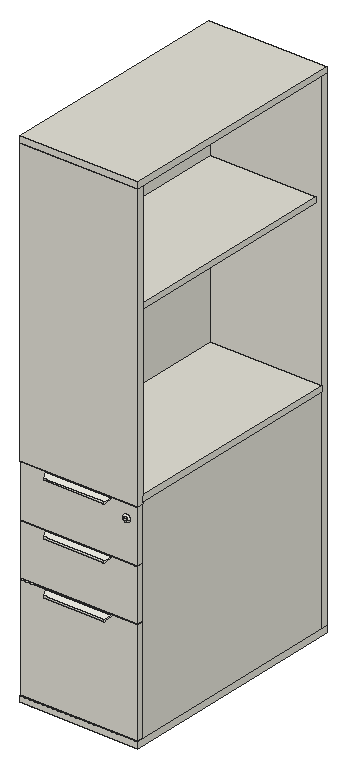
Revit family "Haworth_BeHold_PersonalStorageTower_SideBookcase_15Wide", category Furniture Systems, Revit 2018
Family settings
  Round Connector Dimension = Use Diameter
  Part Type = Normal
  OmniClass Number = 23.40.70.14.64.21
  OmniClass Title = Systems Furniture
  Work Plane-Based = No
  Always vertical = Yes
  Cut with Voids When Loaded = No
  Shared = No
  Room Calculation Point = No
Parameters (values of type "B/B/F - 30d 65h - Inset Back")
  With Lock = yes
  Wing Pull Length = 8 5/16"  # constant formula
  Wing Pull = yes
  Warranty = "http://www.haworth.com/resources/product-info/warranties"
  URL - Product = "https://www.haworth.com/na/en/products/active-storage/be-hold.html"
  URL = "www.haworth.com"
  Trim Finish [instance] = Haworth _ Paint _ Smooth Plaster
  Total Drawer Height = Storage Height - Bottom Case Offset - Case Thickness - 1/4"  # 26 1/2"
  Top Thickness = 3/4"  # constant formula
  Top Drawer Height = if(Box Box File, Middle Drawer Height, Bottom Drawer Height)  # 6 9/16"
  Top Case Back Control = if(Proud Style, 0", 0")  # 0"
  Sustainability Info = "https://www.haworth.com/company-info/sustainability"
  Storage Height = 28"  # constant formula
  Standard Heights = "41, 49, 57, 65 in."  # constant formula
  Size = "Verify Final Dim. w/ Haworth"  # constant formula
  Side Case Back Control = if(Proud Style, Case Thickness, 0")  # 0"
  Shelf 2 Offset = if(Actual Height = 65", 49", if(Actual Height = 57", 41", 32 5/16"))  # 49"
  Shelf 2 Control = Actual Height > 41"  # yes
  Shelf 1 Offset = 29" - Bottom Case Offset - Case Thickness  # 27 3/4"
  Revision Number = "1"  # constant formula
  Pull Finish [instance] = Haworth _ Paint _ Smooth Plaster
  Proud Style = not(Inset Style)  # no
  Model = "Haworth Be_Hold"  # constant formula
  Min. Width = 15"  # constant formula
  Min. Height = 41"  # constant formula
  Min. Depth = 18"  # constant formula
  Middle Drawer Height = (Total Drawer Height - Distance Between Drawer) / 4  # 6 9/16"
  Left Panel Finish [instance] = Haworth _ Laminate _ Beige H-34
  Left Panel Edge Finish [instance] = Haworth _ Laminate _ Beige H-34
  Height = 65"
  File File = no
  Bottom Drawer Offset = Bottom Case Offset + Case Thickness + 1/8"  # 1 3/8"
  Bottom Drawer Height = (Total Drawer Height - Distance Between Drawer) / 2  # 13 1/8"
  Back Case Back Control = if(Proud Style, 0", 0")  # 0"
  Actual Height = if(Height > Max. Height, Max. Height, if(Height < Min. Height, Min. Height, Height))  # 65"
  3 Drawer Control = Box Box File  # yes
  Max. Width = 15"  # constant formula
  Max. Depth = 30"  # constant formula
  Max. Height = 65"  # constant formula
  Manufacturer = "Haworth"  # constant formula
  Linear Pull Length = 7 1/2"  # constant formula
  Linear Pull = no
  Inset Style = yes
  Glide Finish = Haworth _ Polymer _ Slate
  Front Finish [instance] = Haworth _ Laminate _ Beige H-34
  Front Edge Finish [instance] = Haworth _ Laminate _ Beige H-34
  Drawer Width = Actual Width - 1/8"  # 14 7/8"
  Distance Between Drawer = if(Box Box File, 1/4", 1/8")  # 1/4"
  Description = "Haworth - Be_Hold - Personal Storage Tower - Side Bookcase"  # constant formula
  Depth = 30"
  Custom Size = not(and(or(Depth = 18", Depth = 24", Depth = 30"), or(Height = 41", Height = 49", Height = 57", Height = 65")))  # no
  Cresent Pull = no
  Classic Pull Length = 7 1/2"  # constant formula
  Classic Pull = no
  Case Thickness = 3/4"  # constant formula
  Case Finish [instance] = Haworth _ Laminate _ Beige H-34
  Case Edge Finish [instance] = Haworth _ Laminate _ Beige H-34
  Box Box File = not(File File)  # yes
  Bottom Case Offset = 1/2"  # constant formula
  Blade Pull Length = Drawer Width - 1/16"  # 14 13/16"
  Blade Pull = not(or(Cresent Pull, Linear Pull, Classic Pull, Wing Pull))  # no
  Back Case Side Control = if(Proud Style, 0", Case Thickness)  # 3/4"
  Author = "Haworth (Alias)"  # constant formula
  Assembly Code = "E2020200"
  Actual Width = 15"  # constant formula
  Actual Depth = if(Depth > Max. Depth, Max. Depth, if(Depth < Min. Depth, Min. Depth, Depth))  # 30"
  Standard Depths = "18, 24, 30 in."  # constant formula
Types (8): name | Top Drawer Height | Side Case Back Control | Shelf 2 Offset | Shelf 2 Control | Proud Style | Middle Drawer Height | Height | File File | Bottom Drawer Height | Actual Height | 3 Drawer Control | Inset Style | Distance Between Drawer | Depth | Box Box File | Back Case Side Control | Actual Depth
  B/B/F - 30d 65h - Inset Back | 6 9/16" | 0" | 49" | yes | no | 6 9/16" | 65" | no | 13 1/8" | 65" | yes | yes | 1/4" | 30" | yes | 3/4" | 30"
  B/B/F - 24d 57h - Inset Back | 6 9/16" | 0" | 41" | yes | no | 6 9/16" | 57" | no | 13 1/8" | 57" | yes | yes | 1/4" | 24" | yes | 3/4" | 24"
  B/B/F - 24d 49h - Inset Back | 6 9/16" | 0" | 32 5/16" | yes | no | 6 9/16" | 49" | no | 13 1/8" | 49" | yes | yes | 1/4" | 24" | yes | 3/4" | 24"
  B/B/F - 18d 41h - Inset Back | 6 9/16" | 0" | 32 5/16" | no | no | 6 9/16" | 41" | no | 13 1/8" | 41" | yes | yes | 1/4" | 18" | yes | 3/4" | 18"
  F/F - 30d 65h - Proud Back | 13 3/16" | 3/4" | 49" | yes | yes | 6 19/32" | 65" | yes | 13 3/16" | 65" | no | no | 1/8" | 30" | no | 0" | 30"
  F/F - 24d 57h - Proud Back | 13 3/16" | 3/4" | 41" | yes | yes | 6 19/32" | 57" | yes | 13 3/16" | 57" | no | no | 1/8" | 24" | no | 0" | 24"
  F/F - 24d 49h - Proud Back | 13 3/16" | 3/4" | 32 5/16" | yes | yes | 6 19/32" | 49" | yes | 13 3/16" | 49" | no | no | 1/8" | 24" | no | 0" | 24"
  F/F - 18d 41h - Proud Back | 13 3/16" | 3/4" | 32 5/16" | no | yes | 6 19/32" | 41" | yes | 13 3/16" | 41" | no | no | 1/8" | 18" | no | 0" | 18"
Reference planes (in)
  plane 1: z = 0
  plane 2 "Center L/R": x = -6.17556
  plane 3 "Center F/B": y = -14.5
  plane 4 "Top": z = 65
  plane 5 "Back": y = 0.5
  plane 6 "Front": y = -29.5
  plane 7 "Left": x = -13.67556
  plane 8 "Case Inside Left": x = -12.92556
  plane 9 "Case Inside Right": x = 0.57444
  plane 10 "Case Inside Back": y = -0.25
  plane 11 "Case Bottom": z = 0.5
  plane 12 "Case Inside Front": y = -28.75
  plane 13 "Inside Case Bottom": z = 1.25
  plane 14 "Inside Case Top": z = 64.25
  plane 15 "Top of Top Drawer": z = 27.875
  plane 16 "Bottom of Bottom Drawer": z = 1.375
  plane 17 "Right": x = 1.32444
  plane 18 "Top of Storage": z = 28
  plane 19 "Shelf 1 Top": z = 29
  plane 20 "Shelf 1 Bottom": z = 28.25
  plane 21 "Shelf 2 Top": z = 50.25
  plane 22 "Shelf 2 Bottom": z = 49.5
Forms (in)
  Sweep 1, solid, material "Haworth _ Polymer _ Slate" <- "Glide Finish"
    path origin (-12.92556, 0, 0) x (0, 1, 0) y (0, 0, 1)
      loop
        line (-28.75, 0.5) -> (-28.75, 0)
    profile origin (-12.92556, -28.75, 0.25) x (1, 0, 0) y (0, 1, 0)
      loop
        line (0, 2.00197) -> (0, 0.25)
        arc (0, 0.25) -> (0.07322, 0.07322) -> (0.25, 0) r 0.25
        line (0.25, 0) -> (2.00197, 0)
        arc (2.00197, 0) -> (2.17875, 0.07322) -> (2.25197, 0.25) r 0.25
        line (2.25197, 0.25) -> (2.25197, 0.70079) -> (0.70079, 2.25197) -> (0.25, 2.25197)
        arc (0.25, 2.25197) -> (0.07322, 2.17875) -> (0, 2.00197) r 0.25
  Sweep 2, solid, material "Haworth _ Polymer _ Slate" <- "Glide Finish"
    path origin (-12.92556, -23, 0) x (0, -1, 0) y (0, 0, 1)
      loop
        line (-22.75, 0.5) -> (-22.75, 0)
    profile origin (-12.92556, -0.25, 0.25) x (1, 0, 0) y (0, 1, 0)
      loop
        arc (0, -2.00197) -> (0.07322, -2.17875) -> (0.25, -2.25197) r 0.25
        line (0.25, -2.25197) -> (0.70079, -2.25197) -> (2.25197, -0.70079) -> (2.25197, -0.25)
        arc (2.25197, -0.25) -> (2.17875, -0.07322) -> (2.00197, 0) r 0.25
        line (2.00197, 0) -> (0.25, 0)
        arc (0.25, 0) -> (0.07322, -0.07322) -> (0, -0.25) r 0.25
        line (0, -0.25) -> (0, -2.00197)
  Sweep 3, solid, material "Haworth _ Polymer _ Slate" <- "Glide Finish"
    path origin (0.57444, 0, 0) x (0, -1, 0) y (0, 0, 1)
      loop
        line (28.75, 0.5) -> (28.75, 0)
    profile origin (0.57444, -28.75, 0.25) x (-1, 0, 0) y (0, -1, 0)
      loop
        arc (0, -2.00197) -> (0.07322, -2.17875) -> (0.25, -2.25197) r 0.25
        line (0.25, -2.25197) -> (0.70079, -2.25197) -> (2.25197, -0.70079) -> (2.25197, -0.25)
        arc (2.25197, -0.25) -> (2.17875, -0.07322) -> (2.00197, 0) r 0.25
        line (2.00197, 0) -> (0.25, 0)
        arc (0.25, 0) -> (0.07322, -0.07322) -> (0, -0.25) r 0.25
        line (0, -0.25) -> (0, -2.00197)
  Sweep 4, solid, material "Haworth _ Polymer _ Slate" <- "Glide Finish"
    path origin (0.57444, 0, 0) x (0, -1, 0) y (0, 0, 1)
      loop
        line (0.25, 0.5) -> (0.25, 0)
    profile origin (0.57444, -0.25, 0.25) x (-1, 0, 0) y (0, -1, 0)
      loop
        line (0, 2.00197) -> (0, 0.25)
        arc (0, 0.25) -> (0.07322, 0.07322) -> (0.25, 0) r 0.25
        line (0.25, 0) -> (2.00197, 0)
        arc (2.00197, 0) -> (2.17875, 0.07322) -> (2.25197, 0.25) r 0.25
        line (2.25197, 0.25) -> (2.25197, 0.70079) -> (0.70079, 2.25197) -> (0.25, 2.25197)
        arc (0.25, 2.25197) -> (0.07322, 2.17875) -> (0, 2.00197) r 0.25
  Extrusion 5, solid, material "Haworth _ Laminate _ Beige H-34" <- "Case Finish"
    sketch origin (0, 0, 0) x (1, 0, 0) y (0, 1, 0)
      loop
        line (-13.67556, 0.5) -> (-13.67556, -29.5) -> (1.32444, -29.5) -> (1.32444, 0.5) -> (-13.67556, 0.5)
    from 0.5 to 1.25
  Sweep 6, solid, material "Haworth _ Laminate _ Beige H-34" <- "Left Panel Finish"
    path origin (0, 0, 0.5) x (0, -1, 0) y (1, 0, 0)
      loop
        line (29.5, -13.67556) -> (29.5, -12.92556)
    profile origin (-13.30056, -29.5, 0.5) x (0, 1, 0) y (0, 0, 1)
      loop
        line (0.75, 63.75) -> (0.75, 0.75) -> (30, 0.75) -> (30, 63.75) -> (0.75, 63.75)
  Sweep 7, solid, material "Haworth _ Laminate _ Beige H-34" <- "Case Finish"
    path origin (-12.35111, 0, 0.5) x (0, -1, 0) y (-1, 0, 0)
      loop
        line (29.5, -13.67556) -> (29.5, -12.92556)
    profile origin (0.94944, -29.5, 0.5) x (0, -1, 0) y (0, 0, 1)
      loop
        line (-0.75, 27.75) -> (-29.25, 27.75) -> (-29.25, 0.75) -> (-0.75, 0.75) -> (-0.75, 27.75)
  Sweep 8, solid, material "Haworth _ Laminate _ Beige H-34" <- "Case Finish"
    path origin (0, 0, 0.5) x (0, -1, 0) y (1, 0, 0)
      loop
        line (0.25, -6.17556) -> (-0.5, -6.17556)
    profile origin (-6.17556, 0.125, 0.5) x (-1, 0, 0) y (0, 0, 1)
      loop
        line (-7.5, 0.75) -> (6.75, 0.75) -> (6.75, 63.75) -> (-7.5, 63.75) -> (-7.5, 0.75)
  Extrusion 9, solid, material "Haworth _ Laminate _ Beige H-34" <- "Case Finish"
    sketch origin (0, 0, 0.5) x (0, -1, 0) y (1, 0, 0)
      loop
        line (-0.5, -13.67556) -> (29.5, -13.67556) -> (29.5, 1.32444) -> (-0.5, 1.32444) -> (-0.5, -13.67556)
    from 63.75 to 64.5
  Extrusion 10, solid, material "Haworth _ Laminate _ Beige H-34" <- "Case Finish"
    sketch origin (0, 0, 0) x (1, 0, 0) y (0, 1, 0)
      loop
        line (-12.92556, -0.25) -> (-12.92556, -28.75) -> (1.32444, -28.75) -> (1.32444, -0.25) -> (-12.92556, -0.25)
    from 28.25 to 29
  Extrusion 11, solid, material "Haworth _ Laminate _ Beige H-34" <- "Case Finish", visible <- "Shelf 2 Control"
    sketch origin (0, 0, 0) x (1, 0, 0) y (0, 1, 0)
      loop
        line (-12.92556, -0.25) -> (-12.92556, -28.75) -> (0.57444, -28.75) -> (0.57444, -0.25) -> (-12.92556, -0.25)
    from 49.5 to 50.25
  Extrusion 12, solid, material "Haworth _ Laminate _ Beige H-34" <- "Front Finish"
    sketch origin (0, 0, 0) x (1, 0, 0) y (0, 1, 0)
      loop
        line (-13.67556, -28.75) -> (-13.67556, -29.5) -> (1.32444, -29.5) -> (1.32444, -28.75) -> (-13.67556, -28.75)
    from 28 to 64.25
Lines and regions (in)
  Masking region 1
    outline origin (0, 0, 64.25) x (0, -1, 0) y (1, 0, 0)
      loop
        line (-0.5, -13.67556) -> (29.5, -13.67556) -> (29.5, 1.32444) -> (-0.5, 1.32444) -> (-0.5, -13.67556)
  symbolic lines, style "FurnitureSystemsHiddenLines", detail levels medium+fine
    curve 1: line (-13.67556, -28.75, 64.25) -> (1.32444, -28.75, 64.25)
  symbolic lines, detail levels medium+fine
    curve 2: line (2.32444, -14.5, 0) -> (9.82444, -14.5, 0)
    curve 3: line (9.82444, -14.5, 0) -> (8.41023, -13.08579, 0)
    curve 4: line (9.82444, -14.5, 0) -> (8.41023, -15.91421, 0)
Dimensions and locks (in)
  equal spacing: plane 5 "Back", plane 3 "Center F/B", plane 6 "Front"
  "Actual Depth": plane 5 "Back" to plane 6 "Front"
  "Case Thickness": plane 8 "Case Inside Left" to plane 7 "Left"
  "Bottom Case Offset": plane 11 "Case Bottom" to plane 1
  "Case Thickness": plane 10 "Case Inside Back" to plane 5 "Back"
  "Case Thickness": plane 6 "Front" to plane 12 "Case Inside Front"
  locked: Sweep 1 sketch curve to plane 11 "Case Bottom" at 0.5
  locked: Sweep 2 sketch curve to plane 11 "Case Bottom" at 0.5
  locked: Sweep 4 sketch curve to plane 11 "Case Bottom" at 0.5
  locked: Sweep 3 sketch curve to plane 11 "Case Bottom" at 0.5
  "Case Thickness": plane 13 "Inside Case Bottom" to plane 11 "Case Bottom"
  "Top Thickness": plane 4 "Top" to plane 14 "Inside Case Top"
  "Side Case Back Control": Sweep 6 sketch curve to plane 5 "Back"
  "Back Case Side Control": Sweep 8 sketch curve to plane 7 "Left"
  locked: plane 16 "Bottom of Bottom Drawer" to plane 13 "Inside Case Bottom" at 0.125
  locked: nested 2 to nested 1 at 0.125
  "Case Thickness": Sweep 8 sketch curve to Sweep 8 sketch curve
  "Back Case Back Control": plane 5 "Back" to Sweep 8 sketch curve
  equal spacing: plane 7 "Left", plane 2 "Center L/R", plane 17 "Right"
  "Actual Width": plane 7 "Left" to plane 17 "Right"
  "Case Thickness": plane 9 "Case Inside Right" to plane 17 "Right"
  locked: plane 18 "Top of Storage" to plane 15 "Top of Top Drawer" at 0.125
  "Storage Height": plane 18 "Top of Storage" to plane 1
  "Actual Height": plane 4 "Top" to plane 1
  "Case Thickness": plane 22 "Shelf 2 Bottom" to plane 21 "Shelf 2 Top"
  "Case Thickness": plane 20 "Shelf 1 Bottom" to plane 19 "Shelf 1 Top"
  "Shelf 2 Offset": plane 21 "Shelf 2 Top" to plane 13 "Inside Case Bottom"
  "Shelf 1 Offset": plane 19 "Shelf 1 Top" to plane 13 "Inside Case Bottom"
  "Top Case Back Control": Extrusion 10 sketch curve to plane 10 "Case Inside Back"
  "Top Case Back Control": Extrusion 11 sketch curve to plane 10 "Case Inside Back"
  "Back Case Back Control": Sweep 7 sketch curve to plane 10 "Case Inside Back"
  aligned and locked: Sweep 1 sketch curve to plane 12 "Case Inside Front"
  aligned and locked: plane 11 "Case Bottom" to Sweep 1 sketch curve
  aligned and locked: plane 10 "Case Inside Back" to Sweep 2 sketch curve
  aligned and locked: plane 11 "Case Bottom" to Sweep 2 sketch curve
  aligned and locked: plane 10 "Case Inside Back" to Sweep 4 sketch curve
  aligned and locked: plane 11 "Case Bottom" to Sweep 4 sketch curve
  aligned and locked: Sweep 3 sketch curve to plane 12 "Case Inside Front"
  aligned and locked: plane 11 "Case Bottom" to Sweep 3 sketch curve
  aligned and locked: Extrusion 5 sketch curve to plane 5 "Back"
  aligned and locked: plane 7 "Left" to Extrusion 5 sketch curve
  aligned and locked: plane 6 "Front" to Extrusion 5 sketch curve
  aligned and locked: plane 11 "Case Bottom" to Extrusion 5
  aligned and locked: plane 13 "Inside Case Bottom" to Extrusion 5
  aligned and locked: plane 7 "Left" to Sweep 6 sketch curve
  aligned and locked: plane 8 "Case Inside Left" to Sweep 6 sketch curve
  aligned and locked: Sweep 6 sketch curve to plane 6 "Front"
  aligned and locked: plane 13 "Inside Case Bottom" to Sweep 6 sketch curve
  aligned and locked: plane 6 "Front" to Sweep 7 sketch curve
  aligned and locked: plane 9 "Case Inside Right" to Sweep 7 sketch curve
  aligned and locked: plane 13 "Inside Case Bottom" to Sweep 7 sketch curve
  aligned and locked: plane 2 "Center L/R" to Sweep 8 sketch curve
  aligned and locked: Sweep 8 sketch curve to plane 13 "Inside Case Bottom"
  aligned and locked: plane 4 "Top" to Extrusion 9
  aligned and locked: plane 14 "Inside Case Top" to Extrusion 9
  aligned and locked: Masking region 1 sketch curve to plane 5 "Back"
  aligned and locked: plane 7 "Left" to Masking region 1 sketch curve
  aligned and locked: plane 6 "Front" to Masking region 1 sketch curve
  aligned and locked: curve 1 to plane 12 "Case Inside Front"
  aligned and locked: plane 12 "Case Inside Front" to Sweep 7 sketch curve
  aligned and locked: plane 12 "Case Inside Front" to Sweep 6 sketch curve
  aligned and locked: nested 3 to plane 15 "Top of Top Drawer"
  aligned and locked: plane 6 "Front" to nested 1
  aligned and locked: plane 6 "Front" to nested 2
  aligned and locked: plane 6 "Front" to nested 3
  aligned and locked: plane 2 "Center L/R" to nested 3
  aligned and locked: plane 2 "Center L/R" to nested 2
  aligned and locked: plane 2 "Center L/R" to nested 1
  aligned and locked: plane 17 "Right" to Sweep 7 sketch curve
  aligned and locked: plane 6 "Front" to Extrusion 9 sketch curve
  aligned and locked: plane 17 "Right" to Extrusion 9 sketch curve
  aligned and locked: plane 7 "Left" to Extrusion 9 sketch curve
  aligned and locked: Extrusion 9 sketch curve to plane 5 "Back"
  aligned and locked: plane 14 "Inside Case Top" to Sweep 8 sketch curve
  aligned and locked: plane 12 "Case Inside Front" to Extrusion 10 sketch curve
  aligned and locked: plane 20 "Shelf 1 Bottom" to Extrusion 10
  aligned and locked: plane 19 "Shelf 1 Top" to Extrusion 10
  aligned and locked: plane 9 "Case Inside Right" to Extrusion 11 sketch curve
  aligned and locked: plane 8 "Case Inside Left" to Extrusion 11 sketch curve
  aligned and locked: plane 12 "Case Inside Front" to Extrusion 11 sketch curve
  aligned and locked: plane 21 "Shelf 2 Top" to Extrusion 11
  aligned and locked: plane 22 "Shelf 2 Bottom" to Extrusion 11
  aligned and locked: plane 6 "Front" to Extrusion 12 sketch curve
  aligned and locked: Extrusion 12 sketch curve to plane 12 "Case Inside Front"
  aligned and locked: plane 17 "Right" to Extrusion 12 sketch curve
  aligned and locked: plane 7 "Left" to Extrusion 12 sketch curve
  aligned and locked: Extrusion 12 to plane 18 "Top of Storage"
  aligned and locked: Extrusion 12 to plane 14 "Inside Case Top"
  aligned and locked: plane 17 "Right" to Extrusion 5 sketch curve
  aligned and locked: plane 17 "Right" to Masking region 1 sketch curve
  aligned and locked: plane 17 "Right" to Extrusion 10 sketch curve
  aligned and locked: plane 8 "Case Inside Left" to Extrusion 10 sketch curve
  aligned and locked: plane 20 "Shelf 1 Bottom" to Sweep 7 sketch curve
  aligned and locked: plane 14 "Inside Case Top" to Sweep 6 sketch curve
  aligned and locked: plane 17 "Right" to Sweep 8 sketch curve
Automatic sketch dimensions
  Sweep 1 sketch curve to plane 8 "Case Inside Left" = 0"
  profile plane to Sweep 1 sketch curve = 0"
  Sweep 1 sketch curve to Sweep 1 sketch curve = 1/4"  (x2)
  Sweep 1 sketch curve to Sweep 1 sketch curve = 0.45079"  (x2)
  Sweep 1 sketch curve to profile plane = 1/4"
  Sweep 1 sketch curve to Sweep 1 sketch curve = 1.75197"  (x2)
  Sweep 2 sketch curve to plane 8 "Case Inside Left" = 0"
  profile plane to Sweep 2 sketch curve = 0"
  Sweep 2 sketch curve to Sweep 2 sketch curve = 1/4"  (x2)
  Sweep 2 sketch curve to Sweep 2 sketch curve = 0.45079"  (x2)
  profile plane to Sweep 2 sketch curve = 1/4"
  Sweep 2 sketch curve to Sweep 2 sketch curve = 1.75197"  (x2)
  Sweep 3 sketch curve to plane 9 "Case Inside Right" = 0"
  Sweep 3 sketch curve to profile plane = 0"
  Sweep 3 sketch curve to Sweep 3 sketch curve = 1/4"  (x2)
  Sweep 3 sketch curve to Sweep 3 sketch curve = 0.45079"  (x2)
  profile plane to Sweep 3 sketch curve = 1/4"
  Sweep 3 sketch curve to Sweep 3 sketch curve = 1.75197"  (x2)
  Sweep 4 sketch curve to plane 9 "Case Inside Right" = 0"
  Sweep 4 sketch curve to profile plane = 0"
  plane 9 "Case Inside Right" to Sweep 4 sketch curve = 1/4"  (x2)
  Sweep 4 sketch curve to Sweep 4 sketch curve = 0.45079"  (x2)
  Sweep 4 sketch curve to profile plane = 1/4"
  Sweep 4 sketch curve to Sweep 4 sketch curve = 1.75197"  (x2)
  curve 1 to plane 7 "Left" = 0"
  curve 1 to plane 17 "Right" = 0"
  plane 3 "Center F/B" to curve 2 = 0"
  curve 3 to plane 17 "Right" = 8 1/2"
  curve 4 to curve 2 = 1.41421"
  curve 3 to plane 3 "Center F/B" = 1.41421"
  curve 3 to curve 2 = 1.41421"
  curve 2 to plane 17 "Right" = 1"
Nested families (in)
  nested 1: "Haworth_BeHold_Drawer_PART" at (-6.17556, -28.36287, 1.375), Drawer Height <- "Bottom Drawer Height", built-in parameter 1001364 <- "Bottom Drawer Offset", type "Haworth_Drawer - Without Lock"
    with Pull Height 13 1/8", Drawer Height 13 1/8", With Lock no, Wing Pull Length 8 5/16", Drawer Width 14 7/8", Classic Pull Length 7 1/2", Blade Pull Length 14 13/16", Linear Pull Length 7 1/2"
  nested 2: "Haworth_BeHold_Drawer_PART" at (-6.17556, -28.36287, 14.625), Drawer Height <- "Middle Drawer Height", visible <- "3 Drawer Control", type "Haworth_Drawer - Without Lock"
    with Pull Height 6 9/16", Drawer Height 6 9/16", With Lock no, Wing Pull Length 8 5/16", Drawer Width 14 7/8", Classic Pull Length 7 1/2", Blade Pull Length 14 13/16", Linear Pull Length 7 1/2"
  nested 3: "Haworth_BeHold_Drawer_PART" at (-6.17556, -28.36287, 21.3125), Drawer Height <- "Top Drawer Height", type "Haworth_Drawer"
    with Pull Height 6 9/16", Drawer Height 6 9/16", Wing Pull Length 8 5/16", Drawer Width 14 7/8", Classic Pull Length 7 1/2", Blade Pull Length 14 13/16", Linear Pull Length 7 1/2"
Definition of nested family "Haworth_BeHold_Drawer_PART"
  Parameters (values of type "Haworth_Drawer")
    With Lock = yes
    Wing Pull Length = 6 1/2"
    Wing Pull = yes
    Warranty = "http://www.haworth.com/resources/product-info/warranties"
    URL - Product = ""
    URL = "www.haworth.com"
    Trim Finish = none
    Revision Number = "1"  # constant formula
    Pull Height [instance] = if(or(Wing Pull, Blade Pull), Drawer Height, Drawer Height - 1 21/32")  # 12"
    Pull Finish = none
    Note = "Verify Final Dim. w/ Haworth"  # constant formula
    Model = "Haworth Be_Hold"  # constant formula
    Manufacturer = "Haworth"  # constant formula
    Lock Offset Top = 1 21/32"  # constant formula
    Lock Offset Side = 1 3/8"  # constant formula
    Linear Pull = no
    Front Finish = none
    Front Edge Finish = none
    Drawer Width = 15 1/2"
    Drawer Height [instance] = 12"
    Description = "Haworth - Be_Hold - Drawer"
    Cresent Pull = no
    Classic Pull Length = 6 3/4"
    Classic Pull = no
    Blade Pull Length = 15 7/16"
    Blade Pull = no
    Linear Pull Length = 8"
    Author = "Haworth (Alias)"  # constant formula
    Assembly Code = ""
  Reference planes (in)
    plane 1 "Drawer Back": y = -0.26213
    plane 2: z = 0
    plane 3 "Center L/R": x = 0
    plane 4 "Drawer Front": y = -1.13713
    plane 5 "Left": x = -7.75
    plane 6 "Right": x = 7.75
    plane 7 "Top": z = 12
    plane 8 "Hardware Start": y = -0.38713
    plane 9 "Lock Side": x = 6.375
    plane 10 "Lock Horizontal": z = 10.34375
  Forms (in)
    Extrusion 1, solid, material <- "Front Finish"
      sketch origin (0, -1.13713, 0) x (-1, 0, 0) y (0, 0, 1)
        loop
          line (-7.75, 12) -> (-7.75, 0) -> (7.75, 0) -> (7.75, 12) -> (-7.75, 12)
      from 0 to 0.75
    Revolve 2, solid, material <- "Trim Finish", visible <- "With Lock"
      sketch origin (0, 0, 10.34375) x (-1, 0, 0) y (0, -1, 0)
        loop
          line (-6.375, 1.13713) -> (-6.375, 1.2621) -> (-6.68756, 1.2621)
          arc (-6.68756, 1.2621) -> (-6.77593, 1.2255) -> (-6.81253, 1.13713) r 0.12497
          line (-6.81253, 1.13713) -> (-6.375, 1.13713)
        axis (-6.375, 1.13713) -> (-6.375, 1.2621)
      angle from 0 to 360
  Lines and regions (in)
    Masking region 1
      outline origin (0, 0, 10.34375) x (-1, 0, 0) y (0, -1, 0)
        loop
          line (7.75, 0.38713) -> (7.75, 1.13713) -> (-7.75, 1.13713) -> (-7.75, 0.38713) -> (7.75, 0.38713)
  Dimensions and locks (in)
    equal spacing: plane 5 "Left", plane 3 "Center L/R", plane 6 "Right"
    "Drawer Width": plane 5 "Left" to plane 6 "Right"
    "Drawer Height": plane 7 "Top" to level
    locked: plane 1 "Drawer Back" to plane 8 "Hardware Start" at 0.125
    plane 4 "Drawer Front" to plane 1 "Drawer Back" = 7/8"
    plane 4 "Drawer Front" to plane 8 "Hardware Start" = 3/4"
    "Lock Offset Side": plane 9 "Lock Side" to plane 6 "Right"
    "Lock Offset Top": plane 7 "Top" to plane 10 "Lock Horizontal"
    locked: Revolve 2 sketch curve to plane 4 "Drawer Front" at 0.12497
    locked: plane 9 "Lock Side" to Revolve 2 sketch curve at 0.43753
    aligned and locked: Extrusion 1 sketch curve to plane 6 "Right"
    aligned and locked: plane 7 "Top" to Extrusion 1 sketch curve
    aligned and locked: Extrusion 1 sketch curve to plane 5 "Left"
    aligned and locked: Extrusion 1 sketch curve to plane 2
    aligned and locked: Extrusion 1 to plane 8 "Hardware Start"
    aligned and locked: Extrusion 1 to plane 4 "Drawer Front"
    aligned and locked: plane 9 "Lock Side" to Revolve 2 sketch curve  (x2)
    aligned and locked: Revolve 2 sketch curve to plane 4 "Drawer Front"
    aligned and locked: plane 3 "Center L/R" to nested 1
    aligned and locked: nested 1 to plane 4 "Drawer Front"
    aligned and locked: plane 6 "Right" to Masking region 1 sketch curve
    aligned and locked: plane 8 "Hardware Start" to Masking region 1 sketch curve
    aligned and locked: plane 4 "Drawer Front" to Masking region 1 sketch curve
    aligned and locked: plane 5 "Left" to Masking region 1 sketch curve
  Automatic sketch dimensions
    plane 8 "Hardware Start" to Revolve 2 sketch curve = 0.19925"
    Revolve 2 sketch curve to Revolve 2 sketch curve = 0.41501"
  Nested families (in)
    nested 1: "Haworth_Drawer-Pulls_PART" at (0, -1.13713, 12), built-in parameter 1001364 <- "Pull Height", type "Pull"
      with Wing yes, Linear no
  Definition of nested family "Haworth_Drawer-Pulls_PART"
    Parameters (values of type "Pull")
      Wing Pull Length = 6 1/2"
      Wing = no
      Warranty = "https://www.haworth.com/resources/product-info/warranties"
      URL = "https://www.haworth.com"
      Trim Finish = none
      Revision Number = "1"  # constant formula
      Model = "Haworth Be_Hold"  # constant formula
      Manufacturer = "Haworth"  # constant formula
      Linear Pull Length = 8"
      Linear = yes
      Description = "Haworth - Be_Hold - Pull Part"
      Cresent = no
      Classic Pull Length = 6 3/4"
      Classic = no
      Blade Pull Length = 15 7/16"
      Blade = no
      Author = "Haworth (Alias)"  # constant formula
      Assembly Code = ""
    Reference planes (in)
      plane 1 "Center Front/Back": y = 0
      plane 2: z = 0
      plane 3 "Center Left/Right": x = 0
      plane 4 "Classic Left": x = -3.375
      plane 5 "Classic Right": x = 3.375
      plane 6 "Linear Left": x = -4
      plane 7 "Linear Right": x = 4
      plane 8 "Wing Right": x = 3.25001
      plane 9 "Wing Left": x = -3.25001
      plane 10 "Blade Left": x = -7.71875
      plane 11 "Blade Right": x = 7.71875
    Forms (in)
      Extrusion 1, solid, material <- "Trim Finish", visible <- "Linear"
        sketch origin (0, 0, 0.125) x (1, 0, 0) y (0, 1, 0)
          loop
            line (-4, 0) -> (-4, -1.25) -> (4, -1.25) -> (4, 0) -> (3, 0) -> (3, -1) -> (-3, -1) -> (-3, 0) -> (-4, 0)
        from 0 to -0.25
      Extrusion 2, solid, material <- "Trim Finish", visible <- "Classic"
        sketch origin (0, 0, 0.375) x (1, 0, 0) y (0, 0, 1)
          loop
            line (-3.375, 0) -> (-3.375, -0.75)
            arc (-3.375, -0.75) -> (-3, -0.375) -> (-3.375, 0) r 0.375
        from 0 to 1
      Extrusion 3, solid, material <- "Trim Finish", visible <- "Classic"
        sketch origin (0, 0, 0.375) x (-1, 0, 0) y (0, 0, -1)
          loop
            arc (-3.375, 0.00132) -> (-3.00132, 0.375) -> (-3.375, 0.74868) r 0.37368
            line (-3.375, 0.74868) -> (-3.375, 0.00132)
        from 0 to 1
      Extrusion 4, solid, material <- "Trim Finish", visible <- "Classic"
        sketch origin (0, 0, 0.375) x (1, 0, 0) y (0, 0, 1)
          loop
            line (-3.375, 0) -> (-3.375, -0.75) -> (3.375, -0.75) -> (3.375, 0) -> (-3.375, 0)
        from 1 to 1.25
      Sweep 5, solid, material <- "Trim Finish", visible <- "Cresent"
        path origin (0, 0, 0) x (1, 0, 0) y (0, 1, 0)
          loop
            arc (-3.75002, 0) -> (-0.00002, -1.25) -> (3.74998, 0) r 6.25
        profile origin (-0.00002, -1.25, 0) x (0, 1, 0) y (0, 0, 1)
          loop
            circle (0.125, 0) r 0.125
      Sweep 6, solid, material <- "Trim Finish", visible <- "Wing"
        path origin (0, 0, 0) x (1, 0, 0) y (0, 1, 0)
          loop
            line (3.25001, 0) -> (-3.25001, 0)
        profile origin (0, 0, 0) x (0, -1, 0) y (0, 0, 1)
          loop
            line (0, -0.055) -> (0.7144, -0.45418)
            arc (0.7144, -0.45418) -> (0.85453, -0.40762) -> (0.79557, -0.27225) r 0.10001
            line (0.79557, -0.27225) -> (0, 0) -> (0, -0.055)
      Extrusion 7, void
        sketch origin (0, 0, 0) x (1, 0, 0) y (0, 1, 0)
          loop
            line (-3.25001, 0) -> (-3.25001, -0.92709) -> (-2.91255, -0.92709) -> (-3.25001, 0)
          loop
            line (3.25001, 0) -> (2.91255, -0.92709) -> (3.25001, -0.92709) -> (3.25001, 0)
        from -1 to 0.5
      Sweep 8, solid, material <- "Trim Finish", visible <- "Blade"
        path origin (0, 0, 0) x (1, 0, 0) y (0, 0, 1)
          loop
            line (0, 0) -> (0, 0.09375)
        profile origin (0, 0, 0.04687) x (-1, 0, 0) y (0, -1, 0)
          loop
            line (7.71875, -0.75) -> (7.71875, 0.40579)
            arc (7.71875, 0.40579) -> (7.682, 0.4945) -> (7.59329, 0.53125) r 0.12546
            line (7.59329, 0.53125) -> (-7.59361, 0.53125)
            arc (-7.59361, 0.53125) -> (-7.6821, 0.4946) -> (-7.71875, 0.40611) r 0.12514
            line (-7.71875, 0.40611) -> (-7.71875, -0.75) -> (7.71875, -0.75)
    Cuts and joins
      Extrusion 7 cuts Extrusion 4
      joined: Extrusion 2, Extrusion 3, Extrusion 4
      Extrusion 7 cuts Sweep 6
    Lines and regions (in)
      symbolic lines, detail levels fine
        curve 1: line (-4, 0, 0) -> (4, 0, 0)
    Dimensions and locks (in)
      equal spacing: plane 4 "Classic Left", plane 3 "Center Left/Right", plane 5 "Classic Right"
      "Classic Pull Length": plane 4 "Classic Left" to plane 5 "Classic Right"
      locked: Extrusion 1 sketch curve to Extrusion 1 sketch curve at 1  (x2)
      equal spacing: plane 6 "Linear Left", plane 3 "Center Left/Right", plane 7 "Linear Right"
      "Linear Pull Length": plane 6 "Linear Left" to plane 7 "Linear Right"
      locked: profile plane to Sweep 5 sketch curve at 0.125
      locked: plane 9 "Wing Left" to Extrusion 7 sketch curve at 0.33745
      locked: Extrusion 7 sketch curve to plane 1 "Center Front/Back" at 0.92709
      locked: plane 1 "Center Front/Back" to Extrusion 7 sketch curve at 0.92709
      Extrusion 7 sketch curve to plane 8 "Wing Right" = 0.33745"
      equal spacing: plane 11 "Blade Right", plane 3 "Center Left/Right", plane 10 "Blade Left"
      "Blade Pull Length": plane 11 "Blade Right" to plane 10 "Blade Left"
      locked: Sweep 8 sketch curve to plane 2 at 0.09375
      locked: Sweep 8 sketch curve to plane 1 "Center Front/Back" at 0.75
      locked: Sweep 8 sketch curve to plane 1 "Center Front/Back" at 0.53125
      equal spacing: plane 8 "Wing Right", plane 3 "Center Left/Right", plane 9 "Wing Left"
      "Wing Pull Length": plane 8 "Wing Right" to plane 9 "Wing Left"
      aligned and locked: plane 4 "Classic Left" to Extrusion 4 sketch curve
      aligned and locked: plane 5 "Classic Right" to Extrusion 4 sketch curve
      aligned and locked: plane 5 "Classic Right" to Extrusion 3 sketch curve
      aligned and locked: Extrusion 2 sketch curve to plane 4 "Classic Left"
      aligned and locked: Extrusion 1 sketch curve to plane 7 "Linear Right"
      aligned and locked: Extrusion 1 sketch curve to plane 6 "Linear Left"
      aligned and locked: plane 2 to Sweep 5 sketch curve
      aligned and locked: profile plane to plane 2
      aligned and locked: Sweep 6 sketch curve to plane 1 "Center Front/Back"
      aligned and locked: plane 8 "Wing Right" to Sweep 6 sketch curve
      aligned and locked: plane 9 "Wing Left" to Sweep 6 sketch curve
      aligned and locked: Extrusion 7 sketch curve to plane 9 "Wing Left"
      aligned and locked: Extrusion 7 sketch curve to plane 8 "Wing Right"
      aligned and locked: plane 2 to Sweep 8 sketch curve
      aligned and locked: Sweep 8 sketch curve to plane 10 "Blade Left"
      aligned and locked: Sweep 8 sketch curve to plane 11 "Blade Right"
      aligned and locked: plane 1 "Center Front/Back" to curve 1
      aligned and locked: plane 7 "Linear Right" to curve 1
      aligned and locked: plane 6 "Linear Left" to curve 1
    Automatic sketch dimensions
      Extrusion 2 sketch curve to level = 0"
      Extrusion 2 sketch curve to level = 3/8"
      Extrusion 3 sketch curve to level = 0"
      level to Extrusion 3 sketch curve = 0.37368"
      Extrusion 4 sketch curve to level = 3/8"
      level to Extrusion 4 sketch curve = 3/8"
      plane 1 "Center Front/Back" to Extrusion 1 sketch curve = 0"  (x2)
      plane 1 "Center Front/Back" to Extrusion 1 sketch curve = 1"
      Extrusion 1 sketch curve to Extrusion 1 sketch curve = 1/4"
      plane 1 "Center Front/Back" to Sweep 5 sketch curve = 0"  (x2)
      Sweep 5 sketch curve to plane 3 "Center Left/Right" = 0.00002"
      Sweep 5 sketch curve to plane 1 "Center Front/Back" = 5"
      Sweep 5 sketch curve to plane 6 "Linear Left" = 0.24998"
      Sweep 6 sketch curve to profile plane = 0"
      Sweep 6 sketch curve to profile plane = 0.7144"
      Sweep 6 sketch curve to Sweep 6 sketch curve = 0.04879"
      Sweep 6 sketch curve to Sweep 6 sketch curve = 0.03238"
      Sweep 6 sketch curve to level = 0.45418"
      Sweep 6 sketch curve to Sweep 6 sketch curve = 0.08731"
      Sweep 6 sketch curve to Sweep 6 sketch curve = 0.27225"
      Sweep 6 sketch curve to Sweep 6 sketch curve = 0.055"
      plane 1 "Center Front/Back" to Extrusion 7 sketch curve = 0"  (x2)
      Sweep 8 sketch curve to plane 3 "Center Left/Right" = 0"
      Sweep 8 sketch curve to Sweep 8 sketch curve = 0.12514"
      Sweep 8 sketch curve to Sweep 8 sketch curve = 0.12546"
      radius of Sweep 5 sketch curve = 1/8"
